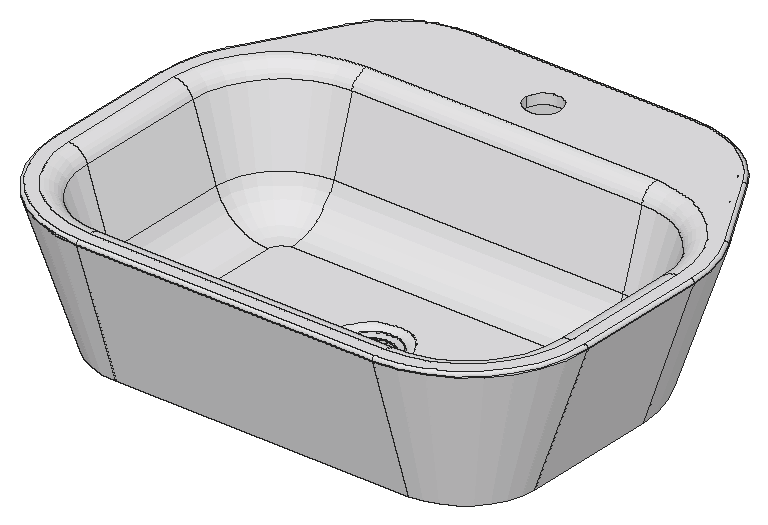
Revit family "Sink-Vessel-Lavatory-KOHLER-Span-K-25316IN_1", category Plumbing Fixtures, host Face, Revit 2021
Family settings
  Host = Face
  Round Connector Dimension = Use Diameter
  Part Type = Normal
  OmniClass Number = 23.31.13.00
  OmniClass Title = Sinks
  Cut with Voids When Loaded = No
  Shared = No
  Room Calculation Point = No
Parameters (values of type "0-White")
  Width = 17 249/256"  # constant formula
  WaterSense Certified = 1 = 0  # no
  Waste Water Outlet = "Waste Water Outlet"  # constant formula
  Waste Connection = 1 = 1  # yes
  Vent Connection = 1 = 0  # no
  URL = "https://www.kohler.co.in/"
  Type = 1
  Product Page URL = "https://www.kohler.co.in/product-detail/25316in?skuid=K-25316IN-0"
  Product Name = "Span"  # constant formula
  Product Documentation Link = ""
  Pressure = 0.00 psi
  Model = "K-25316IN-0"  # constant formula
  Material = "Vitreous China"  # constant formula
  Master Format 2014 Name = "Residential Lavatories and Sinks"  # constant formula
  Master Format 2014 = "22 41 16"  # constant formula
  Manufacturer Address = "Ambience Office Tower NH-8 Gurgaon / Gurugram Haryana , 122001"  # constant formula
  Manufacturer = "Kohler Co."  # constant formula
  Length = 21 39/256"  # constant formula
  Hot Water Inlet = "Hot Water Inlet"  # constant formula
  Height = 6 99/256"  # constant formula
  HW Connection = 1 = 0  # no
  Flow Rate = 0 GPM
  Finish = Kohler-Vitreous_China-0-White
  Environmental Product Declaration = ""
  Drain Included = 1 = 0  # no
  Description = "Square Vessel"  # constant formula
  Default Elevation = 36"
  Declare Label = ""
  Date Modified = "06/04/2023"  # constant formula
  Date Created = "06/04/2023"  # constant formula
  Copyright = "Copyright Kohler Co."  # constant formula
  Contact Us = "https://www.kohler.co.in/contact-us"
  Cold Water Inlet = "Cold Water Inlet"  # constant formula
  CW Connection = 1 = 0  # no
  Assembly Code = "D2010400"
  ADA Compliant = 1 = 0  # no
Reference planes (in)
  plane 1 "Center (Front/Back)": y = 0
  plane 2: z = 0
  plane 3 "Center (Left/Right)": x = 0
  plane 4: y = 10.75984
  plane 5: x = 10.57874
  plane 6: x = -10.5736
  plane 7: y = -7.21281
  plane 8: y = 8.55118
  plane 9: y = 7.08698
  plane 10: z = 5.66929
  plane 11: y = 12.75591
  plane 12: z = -0.71743
Forms (in)
  Extrusion 1, void
    sketch origin (0, 0, 0) x (1, 0, 0) y (0, 1, 0)
      loop
        circle (0, 0) r 1.38637
    from -0.71643 to 1.80511
Dimensions and locks (in)
  "Length": plane 6 to plane 5
  "Width": plane 4 to plane 7
  plane 4 to plane 8 = 2.20866"
  plane 8 to plane 1 "Center (Front/Back)" = 8.55118"
  plane 7 to plane 1 "Center (Front/Back)" = 7.21281"
  plane 1 "Center (Front/Back)" to plane 11 = 12.75591"
  plane 10 to level = 5.66929"
  plane 3 "Center (Left/Right)" to plane 5 = 10.57874"
  "Height": plane 10 to plane 12
  aligned and locked: plane 2 to host face
  aligned and locked: level to host face
Automatic sketch dimensions
  host sketch curve to host sketch curve = 96"  (x2)
  plane 1 "Center (Front/Back)" to Extrusion 1 sketch curve = 0"
  Extrusion 1 sketch curve to plane 3 "Center (Left/Right)" = 0"
  radius of Extrusion 1 sketch curve = 1.38637"
Nested families (in)
  nested 1: "K-25316IN" at (0, 0, 0), type "K-25316IN"
Connectors (in)
  piping at (0, 0, -0.71643), diameter 1.25, driven by "Waste Connection", driven by "Waste Water Outlet"
    settings: on nested 1, index 1, connector inside diameter 24", connector length 0", flow factor 0, pipe flow 0 GPM, pressure drop 0.00 psi, fitting loss kfactor 0, connector angle 0.00°, fixture units 0, engagement length 0", angle of deflection 0.00°, flow configuration 0, flow direction 2, fitting loss method 0, system type 16, joint type 0, gender type 0, connector reference index -1, connector utility 1, adjustable connector no, is connector primary yes, connector description "Waste Water Outlet"
Definition of nested family "K-25316IN"
  Parameters
    Material = none
    Default Elevation = 0"
  Reference planes (in)
    plane 1 "Center (Front/Back)": y = 0
    plane 2: z = 0
    plane 3 "Center (Left/Right)": x = 0
    plane 4: x = 10.57874
    plane 5: x = -10.5748
    plane 6: y = -7.2126
    plane 7: y = 10.75984
    plane 8: y = 8.55118
    plane 9: y = 12.75591
    plane 10: z = 5.66929
    plane 11: z = -0.71643
  Forms (in)
    Sweep 1, solid, material <- "Material", detail levels medium+fine
      path origin (0, 0, 0) x (1, 0, 0) y (0, 1, 0)
        loop
          line (4.26907, 10.75984) -> (-4.49637, 10.75984)
          arc (-4.49637, 10.75984) -> (-6.46488, 10.23238) -> (-7.90592, 8.79134) r 3.93701
          line (-7.90592, 8.79134) -> (-9.88911, 5.35636)
          arc (-9.88911, 5.35636) -> (-10.40041, 4.12197) -> (-10.5748, 2.79731) r 5.11811
          line (-10.5748, 2.79731) -> (-10.5748, -2.48819)
          arc (-10.5748, -2.48819) -> (-9.19106, -5.82885) -> (-5.85039, -7.2126) r 4.72441
          line (-5.85039, -7.2126) -> (5.85433, -7.2126)
          arc (5.85433, -7.2126) -> (9.19499, -5.82885) -> (10.57874, -2.48819) r 4.72441
          line (10.57874, -2.48819) -> (10.57874, 2.79049)
          arc (10.57874, 2.79049) -> (10.40434, 4.11515) -> (9.89304, 5.34954) r 5.11811
          line (9.89304, 5.34954) -> (8.01957, 8.59449)
          arc (8.01957, 8.59449) -> (6.43443, 10.17964) -> (4.26907, 10.75984) r 4.33071
      profile origin (-0.11365, 10.75984, 0) x (0, -1, 0) y (0, 0, 1)
        loop
          line (0, 5.55118) -> (0, 5.51181) -> (0.31496, 5.51181) -> (0.31496, 5.66929) -> (0.11811, 5.66929)
          arc (0.11811, 5.66929) -> (0.03459, 5.6347) -> (0, 5.55118) r 0.11811
    Blend 2, solid, material <- "Material", detail levels medium+fine
      base sketch origin (0, 0, 0) x (1, 0, 0) y (0, 1, 0)
        loop
          arc (5.92699, -5.49521) -> (7.87571, -4.68803) -> (8.68289, -2.73931) r 2.75591
          line (8.68289, -2.73931) -> (8.68289, 2.65849)
          arc (8.68289, 2.65849) -> (8.51513, 3.85219) -> (8.02483, 4.95341) r 4.33071
          line (8.02483, 4.95341) -> (5.32174, 9.27927)
          arc (5.32174, 9.27927) -> (4.17768, 10.36494) -> (2.65072, 10.75984) r 3.14961
          line (2.65072, 10.75984) -> (-2.7041, 10.75984)
          arc (-2.7041, 10.75984) -> (-4.25504, 10.35151) -> (-5.40384, 9.2324) r 3.14961
          line (-5.40384, 9.2324) -> (-7.81534, 5.21899)
          arc (-7.81534, 5.21899) -> (-8.44406, 3.75561) -> (-8.65884, 2.17743) r 5.90551
          line (-8.65884, 2.17743) -> (-8.65884, -2.54246)
          arc (-8.65884, -2.54246) -> (-7.79399, -4.63037) -> (-5.70608, -5.49521) r 2.95276
          line (-5.70608, -5.49521) -> (5.92699, -5.49521)
      top sketch origin (0, 0, 0) x (1, 0, 0) y (0, 1, 0)
        loop
          arc (-4.49637, 10.75984) -> (-6.46488, 10.23238) -> (-7.90592, 8.79134) r 3.93701
          line (-7.90592, 8.79134) -> (-9.88911, 5.35636)
          arc (-9.88911, 5.35636) -> (-10.40041, 4.12197) -> (-10.5748, 2.79731) r 5.11811
          line (-10.5748, 2.79731) -> (-10.5748, -2.48819)
          arc (-10.5748, -2.48819) -> (-9.19106, -5.82885) -> (-5.85039, -7.2126) r 4.72441
          line (-5.85039, -7.2126) -> (5.85433, -7.2126)
          arc (5.85433, -7.2126) -> (9.19499, -5.82885) -> (10.57874, -2.48819) r 4.72441
          line (10.57874, -2.48819) -> (10.57874, 2.79049)
          arc (10.57874, 2.79049) -> (10.40434, 4.11515) -> (9.89304, 5.34954) r 5.11811
          line (9.89304, 5.34954) -> (8.01957, 8.59449)
          arc (8.01957, 8.59449) -> (6.43443, 10.17964) -> (4.26907, 10.75984) r 4.33071
          line (4.26907, 10.75984) -> (-4.49637, 10.75984)
      from 0 to 5.51181
    Blend 3, void
      base sketch origin (0, 0, 0) x (1, 0, 0) y (0, 1, 0)
        loop
          line (-5.54158, -5.3148) -> (5.76376, -5.3148)
          arc (5.76376, -5.3148) -> (7.65758, -4.53035) -> (8.44203, -2.63653) r 2.67827
          line (8.44203, -2.63653) -> (8.44203, 2.6092)
          arc (8.44203, 2.6092) -> (8.27899, 3.76927) -> (7.80251, 4.83947) r 4.20871
          line (7.80251, 4.83947) -> (5.17556, 9.04347)
          arc (5.17556, 9.04347) -> (4.06373, 10.09855) -> (2.57979, 10.48233) r 3.06088
          line (2.57979, 10.48233) -> (-2.62417, 10.48233)
          arc (-2.62417, 10.48233) -> (-4.13142, 10.0855) -> (-5.24785, 8.99792) r 3.06088
          line (-5.24785, 8.99792) -> (-7.59142, 5.09757)
          arc (-7.59142, 5.09757) -> (-8.20243, 3.67541) -> (-8.41116, 2.14169) r 5.73914
          line (-8.41116, 2.14169) -> (-8.41116, -2.44522)
          arc (-8.41116, -2.44522) -> (-7.57068, -4.47432) -> (-5.54158, -5.3148) r 2.86957
      top sketch origin (0, 0, 0) x (1, 0, 0) y (0, 1, 0)
        loop
          arc (-10.28654, -2.39961) -> (-8.94142, -5.64703) -> (-5.694, -6.99215) r 4.59254
          line (-5.694, -6.99215) -> (5.684, -6.99215)
          arc (5.684, -6.99215) -> (8.93142, -5.64703) -> (10.27654, -2.39961) r 4.59254
          line (10.27654, -2.39961) -> (10.27654, 2.73172)
          arc (10.27654, 2.73172) -> (10.10701, 4.01941) -> (9.60998, 5.21934) r 4.97525
          line (9.60998, 5.21934) -> (7.78881, 8.37371)
          arc (7.78881, 8.37371) -> (6.24791, 9.91461) -> (4.14299, 10.47862) r 4.20982
          line (4.14299, 10.47862) -> (-4.37778, 10.47862)
          arc (-4.37778, 10.47862) -> (-6.29134, 9.96589) -> (-7.69216, 8.56506) r 3.82711
          line (-7.69216, 8.56506) -> (-9.61998, 5.22597)
          arc (-9.61998, 5.22597) -> (-10.11701, 4.02604) -> (-10.28654, 2.73835) r 4.97525
          line (-10.28654, 2.73835) -> (-10.28654, -2.39961)
      from -0.36763 to 5.82763
    Sweep 4, solid, material <- "Material", detail levels medium+fine
      path origin (0, 0, 0) x (1, 0, 0) y (0, 1, 0)
        loop
          arc (-5.73228, 7.06858) -> (-8.79456, 5.80014) -> (-10.06299, 2.73787) r 4.33071
          line (-10.06299, 2.73787) -> (-10.06299, -2.48819)
          arc (-10.06299, -2.48819) -> (-8.82915, -5.46695) -> (-5.85039, -6.70079) r 4.2126
          line (-5.85039, -6.70079) -> (5.85433, -6.70079)
          arc (5.85433, -6.70079) -> (8.83309, -5.46695) -> (10.06693, -2.48819) r 4.2126
          line (10.06693, -2.48819) -> (10.06693, 2.73787)
          arc (10.06693, 2.73787) -> (8.79849, 5.80014) -> (5.73622, 7.06858) r 4.33071
          line (5.73622, 7.06858) -> (-5.73228, 7.06858)
      profile origin (0.00197, 7.06858, 0) x (0, 1, 0) y (0, 0, 1)
        loop
          line (0, 5.66929) -> (-0.0858, 5.66929)
          arc (-0.0858, 5.66929) -> (-0.54691, 5.52015) -> (-0.83335, 5.12922) r 0.7874
          line (-0.83335, 5.12922) -> (-1.74236, 2.38175)
          arc (-1.74236, 2.38175) -> (-2.53005, 1.3067) -> (-3.79812, 0.89656) r 2.16535
          line (-3.79812, 0.89656) -> (-4.02774, 0.89656) -> (-4.02774, 0.50285) -> (-3.37147, 0.50285)
          arc (-3.37147, 0.50285) -> (-2.21868, 0.87571) -> (-1.5026, 1.85304) r 1.9685
          line (-1.5026, 1.85304) -> (-0.46851, 4.97855)
          arc (-0.46851, 4.97855) -> (-0.31097, 5.19356) -> (-0.05736, 5.27559) r 0.43307
          line (-0.05736, 5.27559) -> (0, 5.27559) -> (0, 5.66929)
    Extrusion 5, solid, material <- "Material", detail levels medium+fine
      sketch origin (0, 0, 0) x (1, 0, 0) y (0, 1, 0)
        loop
          arc (-9.61634, 5.19888) -> (-10.09618, 4.04046) -> (-10.25984, 2.79731) r 4.80315
          line (-10.25984, 2.79731) -> (-10.25984, -2.48819)
          arc (-10.25984, -2.48819) -> (-8.96834, -5.60614) -> (-5.85039, -6.89764) r 4.40945
          line (-5.85039, -6.89764) -> (5.85433, -6.89764)
          arc (5.85433, -6.89764) -> (8.97228, -5.60614) -> (10.26378, -2.48819) r 4.40945
          line (10.26378, -2.48819) -> (10.26378, 2.79049)
          arc (10.26378, 2.79049) -> (10.10012, 4.03364) -> (9.62028, 5.19206) r 4.80315
          line (9.62028, 5.19206) -> (7.74681, 8.43701)
          arc (7.74681, 8.43701) -> (6.27694, 9.90687) -> (4.26907, 10.44488) r 4.01575
          line (4.26907, 10.44488) -> (-4.49637, 10.44488)
          arc (-4.49637, 10.44488) -> (-6.3074, 9.95962) -> (-7.63316, 8.63386) r 3.62205
          line (-7.63316, 8.63386) -> (-9.61634, 5.19888)
        loop
          arc (-5.73228, 7.06858) -> (-8.79456, 5.80014) -> (-10.06299, 2.73787) r 4.33071
          line (-10.06299, 2.73787) -> (-10.06299, -2.48819)
          arc (-10.06299, -2.48819) -> (-8.82915, -5.46695) -> (-5.85039, -6.70079) r 4.2126
          line (-5.85039, -6.70079) -> (5.85433, -6.70079)
          arc (5.85433, -6.70079) -> (8.83309, -5.46695) -> (10.06693, -2.48819) r 4.2126
          line (10.06693, -2.48819) -> (10.06693, 2.73787)
          arc (10.06693, 2.73787) -> (8.79849, 5.80014) -> (5.73622, 7.06858) r 4.33071
          line (5.73622, 7.06858) -> (-5.73228, 7.06858)
      from 5.27559 to 5.66929
    Extrusion 6, solid, material <- "Material", detail levels medium+fine
      sketch origin (0, 0, 0) x (1, 0, 0) y (0, 1, 0)
        loop
          arc (-6.03526, -2.48819) -> (-5.98111, -2.61891) -> (-5.85039, -2.67305) r 0.18486
          line (-5.85039, -2.67305) -> (5.85433, -2.67305)
          arc (5.85433, -2.67305) -> (5.98505, -2.61891) -> (6.03919, -2.48819) r 0.18486
          line (6.03919, -2.48819) -> (6.03919, 2.73787)
          arc (6.03919, 2.73787) -> (5.95045, 2.9521) -> (5.73622, 3.04084) r 0.30297
          line (5.73622, 3.04084) -> (-5.73228, 3.04084)
          arc (-5.73228, 3.04084) -> (-5.94652, 2.9521) -> (-6.03526, 2.73787) r 0.30297
          line (-6.03526, 2.73787) -> (-6.03526, -2.48819)
      from 0.50285 to 0.89656
    Extrusion 7, void
      sketch origin (0, 0, 0) x (1, 0, 0) y (0, 1, 0)
        loop
          circle (0, 8.55118) r 0.68898
      from 4.90888 to 6.14469
    Revolve 8, void
      sketch origin (0, 0, 0) x (1, 0, 0) y (0, 0, 1)
        loop
          line (1.41929, 0.89656) -> (2.00984, 0.89656) -> (2.00984, 1.04419) -> (0, 1.04419) -> (0, -0.67809) -> (1.36621, -0.67809) -> (1.36621, 0.50301) -> (1.02574, 0.50301)
          arc (1.02574, 0.50301) -> (1.14101, 0.78129) -> (1.41929, 0.89656) r 0.39354
        axis (0, 1.04419) -> (0, -0.67809)
      angle from 0 to 360
    Revolve 9, solid, material <- "Material", detail levels medium+fine
      sketch origin (0, 0, 0) x (1, 0, 0) y (0, 0, 1)
        loop
          line (0.76656, -0.71643) -> (0.8453, -0.71643)
          arc (0.8453, -0.71643) -> (0.88705, -0.69914) -> (0.90435, -0.65738) r 0.05906
          line (0.90435, -0.65738) -> (0.90435, 0.05753)
          arc (0.90435, 0.05753) -> (0.9127, 0.08177) -> (0.9342, 0.09573) r 0.03937
          line (0.9342, 0.09573) -> (1.302, 0.18743) -> (1.302, 0.21853)
          arc (1.302, 0.21853) -> (1.29609, 0.24475) -> (1.27953, 0.26591) r 0.06117
          line (1.27953, 0.26591) -> (1.27953, 0.41551) -> (0.73711, 0.41551) -> (0.73711, 0.53963)
          arc (0.73711, 0.53963) -> (0.74404, 0.56193) -> (0.76237, 0.57638) r 0.03937
          line (0.76237, 0.57638) -> (1.06867, 0.69396)
          arc (1.06867, 0.69396) -> (1.08675, 0.72695) -> (1.05719, 0.75021) r 0.0291
          arc (1.05719, 0.75021) -> (0.94128, 0.72266) -> (0.84486, 0.65269) r 0.30404
          arc (0.84486, 0.65269) -> (0.82379, 0.64083) -> (0.79976, 0.64352) r 0.03937
          arc (0.79976, 0.64352) -> (0.5629, 0.72137) -> (0.31496, 0.74771) r 1.17996
          line (0.31496, 0.74771) -> (0, 0.74771) -> (0, 0.0731) -> (0.76656, 0.0731) -> (0.76656, -0.71643)
        axis (0, 0.75021) -> (0, -0.71643)
      angle from 0 to 360
    Extrusion 10, void
      sketch origin (0, 0, 0) x (1, 0, 0) y (0, 1, 0)
        loop
          circle (0, 0) r 0.11377
        loop
          arc (-0.11146, 0.19753) -> (-0.07018, 0.18514) -> (-0.04511, 0.22019) r 0.03704
          line (-0.04511, 0.22019) -> (-0.04511, 0.45622)
          arc (-0.04511, 0.45622) -> (-0.20086, 0.56759) -> (-0.25589, 0.3842) r 0.11769
          line (-0.25589, 0.3842) -> (-0.11146, 0.19753)
        loop
          arc (0.04159, 0.22296) -> (0.06524, 0.18694) -> (0.10698, 0.19768) r 0.03704
          line (0.10698, 0.19768) -> (0.25869, 0.37849)
          arc (0.25869, 0.37849) -> (0.21097, 0.56391) -> (0.05094, 0.4588) r 0.11769
          line (0.05094, 0.4588) -> (0.04159, 0.22296)
        loop
          arc (0.17517, 0.14406) -> (0.17014, 0.10126) -> (0.20902, 0.08267) r 0.03704
          line (0.20902, 0.08267) -> (0.44146, 0.12365)
          arc (0.44146, 0.12365) -> (0.52409, 0.29637) -> (0.33393, 0.31872) r 0.11769
          line (0.33393, 0.31872) -> (0.17517, 0.14406)
        loop
          arc (0.22679, -0.00224) -> (0.19543, -0.03179) -> (0.21325, -0.07103) r 0.03704
          line (0.21325, -0.07103) -> (0.41766, -0.18904)
          arc (0.41766, -0.18904) -> (0.59198, -0.10984) -> (0.46067, 0.02951) r 0.11769
          line (0.46067, 0.02951) -> (0.22679, -0.00224)
        loop
          arc (0.17229, -0.14749) -> (0.12927, -0.14997) -> (0.1177, -0.19149) r 0.03704
          line (0.1177, -0.19149) -> (0.19843, -0.41328)
          arc (0.19843, -0.41328) -> (0.38288, -0.46467) -> (0.37186, -0.27351) r 0.11769
          line (0.37186, -0.27351) -> (0.17229, -0.14749)
        loop
          arc (0.03718, -0.22373) -> (0.00263, -0.19798) -> (-0.03292, -0.22235) r 0.03704
          line (-0.03292, -0.22235) -> (-0.11364, -0.44414)
          arc (-0.11364, -0.44414) -> (-0.00538, -0.60206) -> (0.10906, -0.44855) r 0.11769
          line (0.10906, -0.44855) -> (0.03718, -0.22373)
        loop
          arc (-0.11533, -0.19529) -> (-0.12525, -0.15335) -> (-0.16814, -0.14917) r 0.03704
          line (-0.16814, -0.14917) -> (-0.37254, -0.26718)
          arc (-0.37254, -0.26718) -> (-0.39112, -0.45775) -> (-0.20478, -0.41371) r 0.11769
          line (-0.20478, -0.41371) -> (-0.11533, -0.19529)
        loop
          arc (-0.21388, -0.07546) -> (-0.19451, -0.03697) -> (-0.22468, -0.00619) r 0.03704
          line (-0.22468, -0.00619) -> (-0.45713, 0.03479)
          arc (-0.45713, 0.03479) -> (-0.59385, -0.09925) -> (-0.4228, -0.18529) r 0.11769
          line (-0.4228, -0.18529) -> (-0.21388, -0.07546)
        loop
          arc (-0.21235, 0.07967) -> (-0.17277, 0.09671) -> (-0.1761, 0.13968) r 0.03704
          line (-0.1761, 0.13968) -> (-0.32781, 0.32049)
          arc (-0.32781, 0.32049) -> (-0.51871, 0.30569) -> (-0.44298, 0.12983) r 0.11769
          line (-0.44298, 0.12983) -> (-0.21235, 0.07967)
      from -0.37538 to 1.61159
    Extrusion 11, solid, material <- "Material", detail levels medium+fine
      sketch origin (0, 0, 0) x (0, 1, 0) y (0, 0, 1)
        loop
          line (-1.2104, 0.16582) -> (-1.10169, 0.04587)
          arc (-1.10169, 0.04587) -> (-1.07158, -0.00299) -> (-1.06108, -0.05942) r 0.15679
          line (-1.06108, -0.05942) -> (-1.06108, -0.38742)
          arc (-1.06108, -0.38742) -> (-1.04998, -0.4432) -> (-1.01839, -0.49049) r 0.14575
          line (-1.01839, -0.49049) -> (-0.89372, -0.61515) -> (-0.89372, 0.16582) -> (-1.2104, 0.16582)
      from 0.05697 to -0.05646
    Extrusion 12, solid, material <- "Material", detail levels medium+fine
      sketch origin (0, 0, 0) x (0.866025, 0.5, 0) y (0, 0, 1)
        loop
          line (-1.2104, 0.16582) -> (-1.10169, 0.04587)
          arc (-1.10169, 0.04587) -> (-1.07158, -0.00299) -> (-1.06108, -0.05942) r 0.15679
          line (-1.06108, -0.05942) -> (-1.06108, -0.38742)
          arc (-1.06108, -0.38742) -> (-1.04998, -0.4432) -> (-1.01839, -0.49049) r 0.14575
          line (-1.01839, -0.49049) -> (-0.89372, -0.61515) -> (-0.89372, 0.16582) -> (-1.2104, 0.16582)
      from 0.05697 to -0.05646
    Extrusion 13, solid, material <- "Material", detail levels medium+fine
      sketch origin (0, 0, 0) x (0.866025, -0.5, 0) y (0, 0, 1)
        loop
          line (-1.2104, 0.16582) -> (-1.10169, 0.04587)
          arc (-1.10169, 0.04587) -> (-1.07158, -0.00299) -> (-1.06108, -0.05942) r 0.15679
          line (-1.06108, -0.05942) -> (-1.06108, -0.38742)
          arc (-1.06108, -0.38742) -> (-1.04998, -0.4432) -> (-1.01839, -0.49049) r 0.14575
          line (-1.01839, -0.49049) -> (-0.89372, -0.61515) -> (-0.89372, 0.16582) -> (-1.2104, 0.16582)
      from 0.05697 to -0.05646
    Extrusion 14, solid, material <- "Material", detail levels medium+fine
      sketch origin (0.05689, -0.0245, 0) x (0, -1, 0) y (0, 0, 1)
        loop
          line (-1.2104, 0.16582) -> (-1.10169, 0.04587)
          arc (-1.10169, 0.04587) -> (-1.07158, -0.00299) -> (-1.06108, -0.05942) r 0.15679
          line (-1.06108, -0.05942) -> (-1.06108, -0.38742)
          arc (-1.06108, -0.38742) -> (-1.04998, -0.4432) -> (-1.01839, -0.49049) r 0.14575
          line (-1.01839, -0.49049) -> (-0.89372, -0.61515) -> (-0.89372, 0.16582) -> (-1.2104, 0.16582)
      from 0.05697 to -0.05646
    Extrusion 15, solid, material <- "Material", detail levels medium+fine
      sketch origin (-0.00926, -0.02461, 0) x (-0.866025, -0.5, 0) y (0, 0, 1)
        loop
          line (-1.2104, 0.16582) -> (-1.10169, 0.04587)
          arc (-1.10169, 0.04587) -> (-1.07158, -0.00299) -> (-1.06108, -0.05942) r 0.15679
          line (-1.06108, -0.05942) -> (-1.06108, -0.38742)
          arc (-1.06108, -0.38742) -> (-1.04998, -0.4432) -> (-1.01839, -0.49049) r 0.14575
          line (-1.01839, -0.49049) -> (-0.89372, -0.61515) -> (-0.89372, 0.16582) -> (-1.2104, 0.16582)
      from 0.05697 to -0.05646
    Extrusion 16, solid, material <- "Material", detail levels medium+fine
      sketch origin (-0.04154, -0.02471, 0) x (-0.866025, 0.5, 0) y (0, 0, 1)
        loop
          line (-1.2104, 0.16582) -> (-1.10169, 0.04587)
          arc (-1.10169, 0.04587) -> (-1.07158, -0.00299) -> (-1.06108, -0.05942) r 0.15679
          line (-1.06108, -0.05942) -> (-1.06108, -0.38742)
          arc (-1.06108, -0.38742) -> (-1.04998, -0.4432) -> (-1.01839, -0.49049) r 0.14575
          line (-1.01839, -0.49049) -> (-0.89372, -0.61515) -> (-0.89372, 0.16582) -> (-1.2104, 0.16582)
      from 0.05697 to -0.05646
    Blend 17, solid, material <- "Material", detail levels coarse
      base sketch origin (0, 0, 0) x (1, 0, 0) y (0, 1, 0)
        loop
          arc (-2.7041, 10.75984) -> (-4.25504, 10.35151) -> (-5.40384, 9.2324) r 3.14961
          line (-5.40384, 9.2324) -> (-7.81534, 5.21899)
          arc (-7.81534, 5.21899) -> (-8.44406, 3.75561) -> (-8.65884, 2.17743) r 5.90551
          line (-8.65884, 2.17743) -> (-8.65884, -2.54246)
          arc (-8.65884, -2.54246) -> (-7.79399, -4.63037) -> (-5.70608, -5.49521) r 2.95276
          line (-5.70608, -5.49521) -> (5.92699, -5.49521)
          arc (5.92699, -5.49521) -> (7.87571, -4.68803) -> (8.68289, -2.73931) r 2.75591
          line (8.68289, -2.73931) -> (8.68289, 2.65849)
          arc (8.68289, 2.65849) -> (8.51513, 3.85219) -> (8.02483, 4.95341) r 4.33071
          line (8.02483, 4.95341) -> (5.32174, 9.27927)
          arc (5.32174, 9.27927) -> (4.17768, 10.36494) -> (2.65072, 10.75984) r 3.14961
          line (2.65072, 10.75984) -> (-2.7041, 10.75984)
      top sketch origin (0, 0, 0) x (1, 0, 0) y (0, 1, 0)
        loop
          line (4.26907, 10.75984) -> (-4.49637, 10.75984)
          arc (-4.49637, 10.75984) -> (-6.46488, 10.23238) -> (-7.90592, 8.79134) r 3.93701
          line (-7.90592, 8.79134) -> (-9.88911, 5.35636)
          arc (-9.88911, 5.35636) -> (-10.40041, 4.12197) -> (-10.5748, 2.79731) r 5.11811
          line (-10.5748, 2.79731) -> (-10.5748, -2.48819)
          arc (-10.5748, -2.48819) -> (-9.19106, -5.82885) -> (-5.85039, -7.2126) r 4.72441
          line (-5.85039, -7.2126) -> (5.85433, -7.2126)
          arc (5.85433, -7.2126) -> (9.19499, -5.82885) -> (10.57874, -2.48819) r 4.72441
          line (10.57874, -2.48819) -> (10.57874, 2.79049)
          arc (10.57874, 2.79049) -> (10.40434, 4.11515) -> (9.89304, 5.34954) r 5.11811
          line (9.89304, 5.34954) -> (8.01957, 8.59449)
          arc (8.01957, 8.59449) -> (6.43443, 10.17964) -> (4.26907, 10.75984) r 4.33071
      from 0 to 5.66929
    Blend 18, void
      base sketch origin (0, 0, 0) x (1, 0, 0) y (0, 1, 0)
        loop
          line (5.26378, 6.69328) -> (-5.25984, 6.69328)
          arc (-5.25984, 6.69328) -> (-8.04373, 5.54016) -> (-9.19685, 2.75628) r 3.93701
          line (-9.19685, 2.75628) -> (-9.19685, -2.48819)
          arc (-9.19685, -2.48819) -> (-7.98607, -5.41127) -> (-5.06299, -6.62205) r 4.13386
          line (-5.06299, -6.62205) -> (5.06693, -6.62205)
          arc (5.06693, -6.62205) -> (7.99001, -5.41127) -> (9.20079, -2.48819) r 4.13386
          line (9.20079, -2.48819) -> (9.20079, 2.75628)
          arc (9.20079, 2.75628) -> (8.04766, 5.54016) -> (5.26378, 6.69328) r 3.93701
      top sketch origin (0, 0, 0) x (1, 0, 0) y (0, 1, 0)
        loop
          line (2.85681, 3.93701) -> (-4.95403, 3.93701)
          arc (-4.95403, 3.93701) -> (-6.34597, 3.36045) -> (-6.92253, 1.9685) r 1.9685
          line (-6.92253, 1.9685) -> (-6.92253, -1.46356)
          arc (-6.92253, -1.46356) -> (-6.21035, -3.18292) -> (-4.49098, -3.89511) r 2.43155
          line (-4.49098, -3.89511) -> (2.39377, -3.89511)
          arc (2.39377, -3.89511) -> (4.11313, -3.18292) -> (4.82532, -1.46356) r 2.43155
          line (4.82532, -1.46356) -> (4.82532, 1.9685)
          arc (4.82532, 1.9685) -> (4.24875, 3.36045) -> (2.85681, 3.93701) r 1.9685
      from 5.66929 to 0.74771
    Extrusion 19, solid, material <- "Material", detail levels coarse
      sketch origin (0, 0, 0) x (1, 0, 0) y (0, 1, 0)
        loop
          circle (0, 0) r 0.90955
      from -0.71643 to 0.0731
  Cuts and joins
    Blend 3, Extrusion 7 cuts Blend 2
    Extrusion 7, Revolve 8 cuts Sweep 1
    Extrusion 7, Revolve 8 cuts Sweep 4
    Extrusion 7, Revolve 8 cuts Extrusion 5
    Extrusion 7, Revolve 8 cuts Extrusion 6
    joined: Sweep 1, Sweep 4, Extrusion 5, Extrusion 6
    Extrusion 10 cuts Revolve 9
    Extrusion 7, Blend 18 cuts Blend 17
    joined: Blend 17, Extrusion 19
  Lines and regions (in)
    Masking region 1
      outline origin (0, 0, 0) x (1, 0, 0) y (0, 1, 0)
        loop
          arc (-4.43527, 10.75984) -> (-6.34397, 10.26622) -> (-7.77404, 8.90913) r 3.93701
          line (-7.77404, 8.90913) -> (-9.61763, 5.95878)
          arc (-9.61763, 5.95878) -> (-10.33078, 4.357) -> (-10.5748, 2.62071) r 6.29921
          line (-10.5748, 2.62071) -> (-10.5748, -2.48819)
          arc (-10.5748, -2.48819) -> (-9.19106, -5.82885) -> (-5.85039, -7.2126) r 4.72441
          line (-5.85039, -7.2126) -> (5.85433, -7.2126)
          arc (5.85433, -7.2126) -> (9.19499, -5.82885) -> (10.57874, -2.48819) r 4.72441
          line (10.57874, -2.48819) -> (10.57874, 2.61441)
          arc (10.57874, 2.61441) -> (10.33472, 4.3507) -> (9.62156, 5.95248) r 6.29921
          line (9.62156, 5.95248) -> (7.77404, 8.90913)
          arc (7.77404, 8.90913) -> (6.34397, 10.26622) -> (4.43527, 10.75984) r 3.93701
          line (4.43527, 10.75984) -> (-4.43527, 10.75984)
        loop
          circle (0, 8.55118) r 0.68898
    Masking region 2
      outline origin (0, 0, 0) x (1, 0, 0) y (0, 0, 1)
        loop
          arc (-10.45545, 5.66929) -> (-10.54937, 5.62358) -> (-10.57136, 5.52147) r 0.11935
          arc (-10.57136, 5.52147) -> (-9.78051, 2.7628) -> (-8.78083, 0.07276) r 37.46611
          arc (-8.78083, 0.07276) -> (-8.73732, 0.01986) -> (-8.67177, 0) r 0.11811
          line (-8.67177, 0) -> (-0.94535, 0)
          arc (-0.94535, 0) -> (-0.9356, -0.01587) -> (-0.9322, -0.03418) r 0.05102
          line (-0.9322, -0.03418) -> (-0.9322, -0.40127)
          arc (-0.9322, -0.40127) -> (-0.92592, -0.43645) -> (-0.90783, -0.46729) r 0.10161
          line (-0.90783, -0.46729) -> (-0.90783, -0.67706)
          arc (-0.90783, -0.67706) -> (-0.8963, -0.7049) -> (-0.86846, -0.71643) r 0.03937
          line (-0.86846, -0.71643) -> (0.86846, -0.71643)
          arc (0.86846, -0.71643) -> (0.8963, -0.7049) -> (0.90783, -0.67706) r 0.03937
          line (0.90783, -0.67706) -> (0.90783, -0.46729)
          arc (0.90783, -0.46729) -> (0.92592, -0.43645) -> (0.9322, -0.40127) r 0.10161
          line (0.9322, -0.40127) -> (0.9322, -0.03418)
          arc (0.9322, -0.03418) -> (0.9356, -0.01587) -> (0.94535, 0) r 0.05102
          line (0.94535, 0) -> (8.67449, 0)
          arc (8.67449, 0) -> (8.74004, 0.01986) -> (8.78355, 0.07278) r 0.11811
          arc (8.78355, 0.07278) -> (9.78357, 2.76418) -> (10.57535, 5.52403) r 37.60797
          arc (10.57535, 5.52403) -> (10.55377, 5.62437) -> (10.46149, 5.66929) r 0.11725
          line (10.46149, 5.66929) -> (-10.45545, 5.66929)
    Masking region 3
      outline origin (0, 0, 0) x (0, 1, 0) y (0, 0, 1)
        loop
          line (10.64173, 5.66929) -> (-7.09835, 5.66929)
          arc (-7.09835, 5.66929) -> (-7.18631, 5.62795) -> (-7.21062, 5.53385) r 0.11425
          arc (-7.21062, 5.53385) -> (-6.52774, 2.76127) -> (-5.54501, 0.08027) r 26.00643
          arc (-5.54501, 0.08027) -> (-5.49608, 0.02187) -> (-5.4231, 0) r 0.13271
          line (-5.4231, 0) -> (-1.0759, 0)
          arc (-1.0759, 0) -> (-1.06565, -0.02127) -> (-1.06213, -0.04463) r 0.07919
          line (-1.06213, -0.04463) -> (-1.06213, -0.39283)
          arc (-1.06213, -0.39283) -> (-1.05314, -0.43803) -> (-1.02753, -0.47634) r 0.11811
          line (-1.02753, -0.47634) -> (-0.91779, -0.58609)
          arc (-0.91779, -0.58609) -> (-0.90925, -0.59886) -> (-0.90626, -0.61393) r 0.03937
          line (-0.90626, -0.61393) -> (-0.90626, -0.67706)
          arc (-0.90626, -0.67706) -> (-0.89473, -0.7049) -> (-0.86689, -0.71643) r 0.03937
          line (-0.86689, -0.71643) -> (0.86689, -0.71643)
          arc (0.86689, -0.71643) -> (0.89473, -0.7049) -> (0.90626, -0.67706) r 0.03937
          line (0.90626, -0.67706) -> (0.90626, -0.61393)
          arc (0.90626, -0.61393) -> (0.90925, -0.59886) -> (0.91779, -0.58609) r 0.03937
          line (0.91779, -0.58609) -> (1.02753, -0.47634)
          arc (1.02753, -0.47634) -> (1.05314, -0.43803) -> (1.06213, -0.39283) r 0.11811
          line (1.06213, -0.39283) -> (1.06213, -0.04463)
          arc (1.06213, -0.04463) -> (1.06565, -0.02127) -> (1.0759, 0) r 0.07919
          line (1.0759, 0) -> (10.64173, 0)
          arc (10.64173, 0) -> (10.72525, 0.03459) -> (10.75984, 0.11811) r 0.11811
          line (10.75984, 0.11811) -> (10.75984, 5.55118)
          arc (10.75984, 5.55118) -> (10.72525, 5.6347) -> (10.64173, 5.66929) r 0.11811
    symbolic lines, detail levels medium+fine
      curve 1: line (4.43527, 10.56299, 0) -> (-4.43527, 10.56299, 0)
      curve 2: arc (-4.43527, 10.56299, 0) -> (-6.24853, 10.09405, 0) -> (-7.6071, 8.80482, 0) r 3.74016
      curve 3: line (-7.6071, 8.80482, 0) -> (-9.45069, 5.85447, 0)
      curve 4: arc (7.6071, 8.80482, 0) -> (6.24853, 10.09405, 0) -> (4.43527, 10.56299, 0) r 3.74016
      curve 5: line (9.45462, 5.84816, 0) -> (7.6071, 8.80482, 0)
      curve 12: arc (-9.45069, 5.85447, 0) -> (-9.70683, 5.40287, 0) -> (-9.92366, 4.93114, 0) r 6.10236
      curve 19: circle (0, 0, 0) r 1.06255 normal (0, 0, 1)
      curve 20: circle (0, 0, 0) r 1.02409 normal (0, 0, 1)
      curve 21: circle (0, 0, 0) r 0.81386 normal (0, 0, 1)
      curve 22: circle (0, 0, 0) r 0.7874 normal (0, 0, 1)
      curve 23: circle (0, 0, 0) r 0.11377 normal (0, 0, 1)
      curve 24: line (-0.11146, 0.19753, 0) -> (-0.25589, 0.3842, 0)
      curve 25: line (-0.04511, 0.22019, 0) -> (-0.04511, 0.45622, 0)
      curve 26: arc (-0.04511, 0.45622, 0) -> (-0.20086, 0.56759, 0) -> (-0.25589, 0.3842, 0) r 0.11769
      curve 27: arc (-0.04511, 0.22019, 0) -> (-0.07018, 0.18514, 0) -> (-0.11146, 0.19753, 0) r 0.03704
      curve 28: line (0.04159, 0.22296, 0) -> (0.05094, 0.4588, 0)
      curve 29: line (0.10698, 0.19768, 0) -> (0.25869, 0.37849, 0)
      curve 30: arc (0.25869, 0.37849, 0) -> (0.21097, 0.56391, 0) -> (0.05094, 0.4588, 0) r 0.11769
      curve 31: arc (0.10698, 0.19768, 0) -> (0.06524, 0.18694, 0) -> (0.04159, 0.22296, 0) r 0.03704
      curve 32: line (0.17517, 0.14406, 0) -> (0.33393, 0.31872, 0)
      curve 33: line (0.20902, 0.08267, 0) -> (0.44146, 0.12365, 0)
      curve 34: arc (0.44146, 0.12365, 0) -> (0.52409, 0.29637, 0) -> (0.33393, 0.31872, 0) r 0.11769
      curve 35: arc (0.20902, 0.08267, 0) -> (0.17014, 0.10126, 0) -> (0.17517, 0.14406, 0) r 0.03704
      curve 36: line (0.22679, -0.00224, 0) -> (0.46067, 0.02951, 0)
      curve 37: line (0.21325, -0.07103, 0) -> (0.41766, -0.18904, 0)
      curve 38: arc (0.41766, -0.18904, 0) -> (0.59198, -0.10984, 0) -> (0.46067, 0.02951, 0) r 0.11769
      curve 39: arc (0.21325, -0.07103, 0) -> (0.19543, -0.03179, 0) -> (0.22679, -0.00224, 0) r 0.03704
      curve 40: line (0.17229, -0.14749, 0) -> (0.37186, -0.27351, 0)
      curve 41: line (0.1177, -0.19149, 0) -> (0.19843, -0.41328, 0)
      curve 42: arc (0.19843, -0.41328, 0) -> (0.38288, -0.46467, 0) -> (0.37186, -0.27351, 0) r 0.11769
      curve 43: arc (0.1177, -0.19149, 0) -> (0.12927, -0.14997, 0) -> (0.17229, -0.14749, 0) r 0.03704
      curve 44: line (0.03718, -0.22373, 0) -> (0.10906, -0.44855, 0)
      curve 45: line (-0.03292, -0.22235, 0) -> (-0.11364, -0.44414, 0)
      curve 46: arc (-0.11364, -0.44414, 0) -> (-0.00538, -0.60206, 0) -> (0.10906, -0.44855, 0) r 0.11769
      curve 47: arc (-0.03292, -0.22235, 0) -> (0.00263, -0.19798, 0) -> (0.03718, -0.22373, 0) r 0.03704
      curve 48: line (-0.11533, -0.19529, 0) -> (-0.20478, -0.41371, 0)
      curve 49: line (-0.16814, -0.14917, 0) -> (-0.37254, -0.26718, 0)
      curve 50: arc (-0.37254, -0.26718, 0) -> (-0.39112, -0.45775, 0) -> (-0.20478, -0.41371, 0) r 0.11769
      curve 51: arc (-0.16814, -0.14917, 0) -> (-0.12525, -0.15335, 0) -> (-0.11533, -0.19529, 0) r 0.03704
      curve 52: line (-0.21388, -0.07546, 0) -> (-0.4228, -0.18529, 0)
      curve 53: line (-0.22468, -0.00619, 0) -> (-0.45713, 0.03479, 0)
      curve 54: arc (-0.45713, 0.03479, 0) -> (-0.59385, -0.09925, 0) -> (-0.4228, -0.18529, 0) r 0.11769
      curve 55: arc (-0.22468, -0.00619, 0) -> (-0.19451, -0.03697, 0) -> (-0.21388, -0.07546, 0) r 0.03704
      curve 56: line (-0.21235, 0.07967, 0) -> (-0.44298, 0.12983, 0)
      curve 57: line (-0.1761, 0.13968, 0) -> (-0.32781, 0.32049, 0)
      curve 58: arc (-0.32781, 0.32049, 0) -> (-0.51871, 0.30569, 0) -> (-0.44298, 0.12983, 0) r 0.11769
      curve 59: arc (-0.1761, 0.13968, 0) -> (-0.17277, 0.09671, 0) -> (-0.21235, 0.07967, 0) r 0.03704
      curve 60: line (-0.94535, 0, 0) -> (0.94535, 0, 0)
      curve 61: line (-0.78877, 0, -0.51306) -> (-0.78877, 0, 0)
      curve 62: line (-0.7304, 0, 0) -> (-0.7304, 0, -0.51306)
      curve 63: line (-0.90783, 0, -0.46729) -> (-0.80956, 0, -0.58441)
      curve 64: arc (-0.7304, 0, -0.51306) -> (-0.73832, 0, -0.56299) -> (-0.76132, 0, -0.60802) r 0.16127
      curve 65: arc (-0.76132, 0, -0.60802) -> (-0.7825, 0, -0.61941) -> (-0.80463, 0, -0.61) r 0.02777
      curve 66: arc (-0.80463, 0, -0.61) -> (-0.81522, 0, -0.59267) -> (-0.81932, 0, -0.57278) r 0.05912
      curve 67: line (-0.86964, 0, -0.04493) -> (-0.86964, 0, -0.39514)
      curve 68: line (-0.78877, 0, -0.51306) -> (-0.84344, 0, -0.45838)
      curve 69: arc (-0.84344, 0, -0.45838) -> (-0.86283, 0, -0.42936) -> (-0.86964, 0, -0.39514) r 0.08944
      curve 70: arc (-0.7828, 0, -0.58549) -> (-0.7725, 0, -0.54818) -> (-0.78877, 0, -0.51306) r 0.0562
      curve 71: arc (-0.80956, 0, -0.58441) -> (-0.79647, 0, -0.59218) -> (-0.7828, 0, -0.58549) r 0.01602
      curve 72: arc (-0.88377, 0, 0) -> (-0.87325, 0, -0.02138) -> (-0.86964, 0, -0.04493) r 0.07852
      curve 73: line (0.78877, 0, -0.51306) -> (0.78877, 0, 0)
      curve 74: line (0.7304, 0, 0) -> (0.7304, 0, -0.51306)
      curve 75: line (0.90783, 0, -0.46729) -> (0.80956, 0, -0.58441)
      curve 76: arc (0.7304, 0, -0.51306) -> (0.73832, 0, -0.56299) -> (0.76132, 0, -0.60802) r 0.16127
      curve 77: arc (0.76132, 0, -0.60802) -> (0.7825, 0, -0.61941) -> (0.80463, 0, -0.61) r 0.02777
      curve 78: arc (0.80463, 0, -0.61) -> (0.81522, 0, -0.59267) -> (0.81932, 0, -0.57278) r 0.05912
      curve 79: line (0.86964, 0, -0.04493) -> (0.86964, 0, -0.39514)
      curve 80: line (0.78877, 0, -0.51306) -> (0.84344, 0, -0.45838)
      curve 81: arc (0.84344, 0, -0.45838) -> (0.86283, 0, -0.42936) -> (0.86964, 0, -0.39514) r 0.08944
      curve 82: arc (0.7828, 0, -0.58549) -> (0.7725, 0, -0.54818) -> (0.78877, 0, -0.51306) r 0.0562
      curve 83: arc (0.80956, 0, -0.58441) -> (0.79647, 0, -0.59218) -> (0.7828, 0, -0.58549) r 0.01602
      curve 84: arc (0.88377, 0, 0) -> (0.87325, 0, -0.02138) -> (0.86964, 0, -0.04493) r 0.07852
      curve 85: line (0.04606, 0, 0) -> (0.04606, 0, -0.56569)
      curve 86: line (-0.04606, 0, 0) -> (-0.04606, 0, -0.56569)
      curve 87: line (-0.02006, 0, -0.58829) -> (0.01984, 0, -0.58829)
      curve 88: arc (-0.04606, 0, -0.56569) -> (-0.03821, 0, -0.58292) -> (-0.02006, 0, -0.58829) r 0.02282
      curve 89: arc (0.04606, 0, -0.56569) -> (0.03813, 0, -0.583) -> (0.01984, 0, -0.58829) r 0.02285
      curve 90: line (-0.04606, 0, -0.3941) -> (0.04606, 0, -0.3941)
      curve 91: line (-0.01775, 0, -0.47716) -> (0.01767, 0, -0.47716)
      curve 92: arc (0.01767, 0, -0.47716) -> (0.03288, 0, -0.47434) -> (0.04606, 0, -0.46623) r 0.04236
      curve 93: arc (-0.04606, 0, -0.46667) -> (-0.03285, 0, -0.47446) -> (-0.01775, 0, -0.47716) r 0.04345
      curve 94: line (-10.57136, 0, 5.52147) -> (10.57535, 0, 5.52403)
      curve 95: line (8.78355, 0, 0.07278) -> (-8.78083, 0, 0.07276)
      curve 96: line (-0.04606, 0, -0.04483) -> (0.04606, 0, -0.04483)
      curve 97: line (-0.9322, 0, -0.03418) -> (-0.87038, 0, -0.03418)
      curve 98: line (0.86964, 0, -0.04493) -> (0.9322, 0, -0.04493)
      curve 99: line (-0.90783, 0, -0.67706) -> (0.90783, 0, -0.67706)
      curve 100: line (-0.9322, 0, -0.40127) -> (-0.86939, 0, -0.40127)
      curve 101: line (0.86964, 0, -0.39514) -> (0.9322, 0, -0.39514)
      curve 102: line (0, 1.0759, 0) -> (0, -1.0759, 0)
      curve 103: line (0, 0.90626, -0.61393) -> (0, 0.90626, 0)
      curve 104: line (0, -0.90626, -0.61393) -> (0, -0.90626, 0)
      curve 105: line (0, -1.04244, -0.04463) -> (0, -1.04244, -0.39283)
      curve 106: arc (0, -1.04244, -0.39283) -> (0, -1.03495, -0.43049) -> (0, -1.01361, -0.46242) r 0.09843
      curve 107: line (0, -1.01361, -0.46242) -> (0, -0.92594, -0.5501)
      curve 108: arc (0, -1.05309, 0) -> (0, -1.04514, -0.02169) -> (0, -1.04244, -0.04463) r 0.09887
      curve 109: arc (0, 1.04244, -0.04463) -> (0, 1.04514, -0.02169) -> (0, 1.05309, 0) r 0.09887
      curve 110: line (0, 1.04244, -0.39283) -> (0, 1.04244, -0.04463)
      curve 111: arc (0, 1.01361, -0.46242) -> (0, 1.03495, -0.43049) -> (0, 1.04244, -0.39283) r 0.09843
      curve 112: line (0, 0.92594, -0.5501) -> (0, 1.01361, -0.46242)
      curve 113: line (0, 0.92594, 0) -> (0, 0.92594, -0.5501)
      curve 114: line (0, -0.92594, -0.5501) -> (0, -0.92594, 0)
      curve 115: arc (0, 0.90626, -0.61393) -> (0, 0.90818, -0.57957) -> (0, 0.92594, -0.5501) r 0.07147
      curve 116: arc (0, -0.90626, -0.59762) -> (0, -0.92083, -0.57582) -> (0, -0.92594, -0.5501) r 0.06721
      curve 117: line (0, 0.55805, -0.04988) -> (0, 0.55805, -0.40085)
      curve 118: line (0, 0.47976, -0.04988) -> (0, 0.47976, -0.32942)
      curve 119: line (0, 0.45182, -0.45543) -> (0, 0.42142, -0.52062)
      curve 120: line (0, 0.54348, -0.46656) -> (0, 0.49363, -0.57348)
      curve 121: arc (0, 0.55805, -0.40085) -> (0, 0.55436, -0.43451) -> (0, 0.54348, -0.46656) r 0.15548
      curve 122: arc (0, 0.47976, -0.32942) -> (0, 0.47269, -0.39395) -> (0, 0.45182, -0.45543) r 0.29818
      curve 123: arc (0, 0.42142, -0.52062) -> (0, 0.43582, -0.5767) -> (0, 0.49363, -0.57348) r 0.04561
      curve 124: arc (0, 0.49186, 0) -> (0, 0.48282, -0.02422) -> (0, 0.47976, -0.04988) r 0.10882
      curve 125: arc (0, 0.57029, 0) -> (0, 0.56115, -0.0242) -> (0, 0.55805, -0.04988) r 0.10775
      curve 126: line (0, -0.55805, -0.04988) -> (0, -0.55805, -0.40085)
      curve 127: line (0, -0.47976, -0.04988) -> (0, -0.47976, -0.32942)
      curve 128: line (0, -0.45182, -0.45543) -> (0, -0.42142, -0.52062)
      curve 129: line (0, -0.54348, -0.46656) -> (0, -0.49363, -0.57348)
      curve 130: arc (0, -0.55805, -0.40085) -> (0, -0.55436, -0.43451) -> (0, -0.54348, -0.46656) r 0.15548
      curve 131: arc (0, -0.47976, -0.32942) -> (0, -0.47269, -0.39395) -> (0, -0.45182, -0.45543) r 0.29818
      curve 132: arc (0, -0.42142, -0.52062) -> (0, -0.43582, -0.5767) -> (0, -0.49363, -0.57348) r 0.04561
      curve 133: arc (0, -0.49186, 0) -> (0, -0.48282, -0.02422) -> (0, -0.47976, -0.04988) r 0.10882
      curve 134: arc (0, -0.57029, 0) -> (0, -0.56115, -0.0242) -> (0, -0.55805, -0.04988) r 0.10775
      curve 135: line (0, -0.42714, 0) -> (0, -0.42142, -0.52062)
      curve 136: line (0, 0.42454, 0) -> (0, 0.42454, -0.51392)
      curve 137: line (0, 0.90626, -0.67706) -> (0, -0.90626, -0.67706)
      curve 138: line (0, 10.75984, 0.11811) -> (0, -5.56126, 0.11811)
      curve 139: line (0, -7.2126, 5.51181) -> (0, 10.75984, 5.55118)
      curve 141: arc (9.87739, 5.04398, 0) -> (9.68099, 5.45395, 0) -> (9.45462, 5.84816, 0) r 6.10236
    symbolic lines
      curve 6: arc (10.38189, 2.61441, 0) -> (10.25443, 3.8551, 0) -> (9.87739, 5.04398, 0) r 6.10236
      curve 7: line (10.38189, -2.48819, 0) -> (10.38189, 2.61441, 0)
      curve 8: arc (5.85433, -7.01575, 0) -> (9.0558, -5.68966, 0) -> (10.38189, -2.48819, 0) r 4.52756
      curve 9: line (-5.85039, -7.01575, 0) -> (5.85433, -7.01575, 0)
      curve 10: arc (-10.37795, -2.48819, 0) -> (-9.05186, -5.68966, 0) -> (-5.85039, -7.01575, 0) r 4.52756
      curve 11: line (-10.37795, 2.62071, 0) -> (-10.37795, -2.48819, 0)
      curve 13: line (-5.93502, 7.08698, 0) -> (6.2697, 7.08698, 0)
      curve 14: arc (-7.66482, 6.81318, 0) -> (-6.81069, 7.01811, 0) -> (-5.93502, 7.08698, 0) r 5.60112
      curve 15: arc (-9.92366, 4.93114, 0) -> (-8.97556, 6.08978, 0) -> (-7.66482, 6.81318, 0) r 3.95648
      curve 16: arc (6.2697, 7.08698, 0) -> (7.65753, 6.84147, 0) -> (8.8769, 6.13471, 0) r 4.04522
      curve 17: arc (8.8769, 6.13471, 0) -> (9.41213, 5.62144, 0) -> (9.87739, 5.04398, 0) r 5.79095
      curve 18: circle (0, 0, 0) r 1.45787 normal (0, 0, 1)
      curve 140: arc (-9.92366, 4.93114, 0) -> (-10.2633, 3.79804, 0) -> (-10.37795, 2.62071, 0) r 6.10236
  Dimensions and locks (in)
    plane 1 "Center (Front/Back)" to plane 9 = 12.75591"
    plane 3 "Center (Left/Right)" to plane 4 = 10.57874"
    plane 5 to plane 4 = 21.15354"
    plane 6 to plane 1 "Center (Front/Back)" = 7.2126"
    plane 6 to plane 7 = 17.97244"
    plane 1 "Center (Front/Back)" to plane 8 = 8.55118"
    plane 10 to level = 5.66929"
    aligned and locked: plane 2 to level
